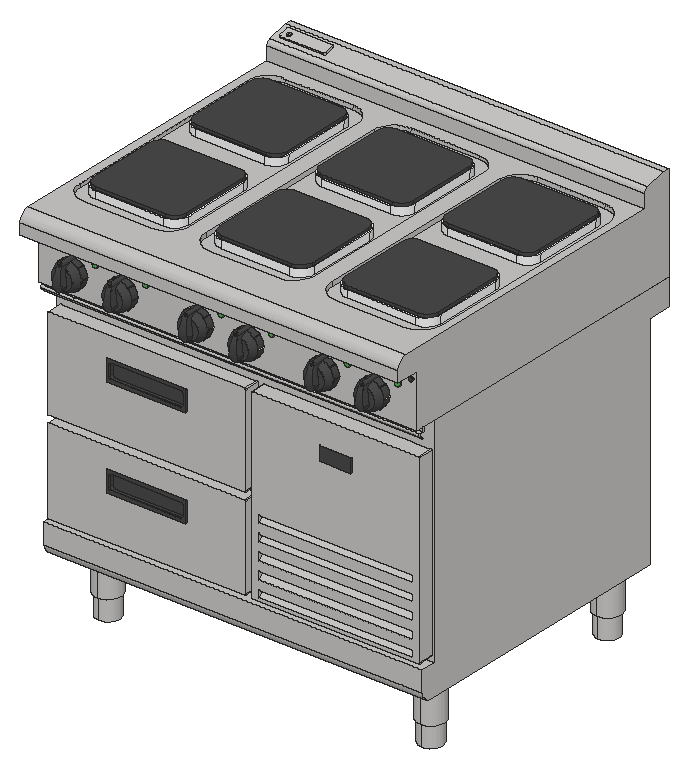
Revit family "QF_Moffat_RNL8600SE-RB_Electrical_Cooktop_Sealed_Hobs_cat", category Specialty Equipment, Revit 2019
Family settings
  Round Connector Dimension = Use Diameter
  Part Type = Normal
  Work Plane-Based = No
  Always vertical = Yes
  Cut with Voids When Loaded = No
  Shared = No
  Room Calculation Point = No
Parameters (values of type "QF_Moffat_RNL8600SE-RB")
  Weight in Kilograms = 130
  Watts = 9130 W
  Volts = 415 V
  URL Cutsheet = ""
  Specification by User = ""
  Specification by Manufacturer = ""
  Serial Number = ""
  Seismic Rating = ""
  SMACNA No = ""
  Revision Code = ""
  Refrigerant Volume = 0.00 kip
  Refrigerant Type = "R134a"
  Phase = 3
  Number of Poles = 1
  NAFEM Spec ID Number = ""
  Model = "RNL8600SE-RB"
  Min Ckt Ampacity = 0 A
  Max Overcurrent Protection = 0 A
  Masterspec = ""
  Manufacturer = "Moffat"
  Length = 900 mm
  Item Number = ""
  Installed By = ""
  Identify Quantity as Lot = yes
  Height = 970 mm
  HP = ""
  Furnished By = ""
  Foodservice Equipment Identifier = yes
  FL Amps = 22 A
  Electrical Remarks = ""
  Electric Connection Type = ""
  Elec Conn RI Height = 0 mm
  Elec Conn Connection Height = 0 mm
  Description = "Electric Cooktops Sealed Hobs"
  Depth = 805 mm
  Cycle = 60 Hz
  Conn Plug = ""
  Conn Conduit = yes
  CSI MasterFormat = ""
  BTUH = 0.0 Btu/h
  Apparent Power = if(Phase = 3, Volts * FL Amps * 1.73, Volts * FL Amps)  # 15794.9 VA
Reference planes
  plane 1 "BACK": y = 0
  plane 2: z = 0
  plane 3 "LEFT": x = 0
  plane 4 "RIGHT": x = 900
  plane 5 "FRONT": y = -805
  plane 6 "TOP": z = 915
  plane 7 "Center Y": x = 450
  plane 8 "Center X": y = -402.5
  plane 9: x = 65.5
  plane 10: x = 87.5
  plane 11: x = 211.766
  plane 12: y = -30
  plane 13: x = 770
  plane 14: x = 512.5
  plane 15: x = 388.234
  plane 16: x = 834.5
  plane 17: z = 150
  plane 18: y = -134
  plane 19: y = -624
  plane 20: x = 812.5
  plane 21: x = 688.234
  plane 22: x = 486.5
  plane 23: x = 650
  plane 24: z = 233
  plane 25: z = 658
  plane 26: z = 970
Forms (mm)
  Extrusion 1, solid, material "QF_Metal_Stainless_Polished"
    sketch origin (0, 0, 600) x (0, 1, 0) y (0, 0, 1)
      loop
        line (0, 140) -> (0, 370) -> (-15, 370) -> (-61.106, 357.646)
        arc (-61.106, 357.646) -> (-67.52, 353.36) -> (-70, 346.055) r 12
        line (-70, 346.055) -> (-70, 315) -> (-781, 315)
        arc (-781, 315) -> (-797.971, 307.971) -> (-805, 291) r 24
        line (-805, 291) -> (-805, 266) -> (-749, 266) -> (-749, 140) -> (0, 140)
    from 0 to 900
  Extrusion 2, void
    sketch origin (0, -776.971, 914.5) x (0, 1, 0) y (-1, 0, 0)
      loop
        arc (674.971, -69) -> (660.326, -33.645) -> (624.971, -19) r 50
        line (624.971, -19) -> (124.971, -19)
        arc (124.971, -19) -> (89.615, -33.645) -> (74.971, -69) r 50
        line (74.971, -69) -> (74.971, -231)
        arc (74.971, -231) -> (89.615, -266.355) -> (124.971, -281) r 50
        line (124.971, -281) -> (624.971, -281)
        arc (624.971, -281) -> (660.326, -266.355) -> (674.971, -231) r 50
        line (674.971, -231) -> (674.971, -69)
      loop
        line (674.971, -831) -> (674.971, -669)
        arc (674.971, -669) -> (660.326, -633.645) -> (624.971, -619) r 50
        line (624.971, -619) -> (124.971, -619)
        arc (124.971, -619) -> (89.615, -633.645) -> (74.971, -669) r 50
        line (74.971, -669) -> (74.971, -831)
        arc (74.971, -831) -> (89.615, -866.355) -> (124.971, -881) r 50
        line (124.971, -881) -> (624.971, -881)
        arc (624.971, -881) -> (660.326, -866.355) -> (674.971, -831) r 50
      loop
        arc (74.971, -531) -> (89.615, -566.355) -> (124.971, -581) r 50
        line (124.971, -581) -> (624.971, -581)
        arc (624.971, -581) -> (660.326, -566.355) -> (674.971, -531) r 50
        line (674.971, -531) -> (674.971, -369)
        arc (674.971, -369) -> (660.326, -333.645) -> (624.971, -319) r 50
        line (624.971, -319) -> (124.971, -319)
        arc (124.971, -319) -> (89.615, -333.645) -> (74.971, -369) r 50
        line (74.971, -369) -> (74.971, -531)
    from 0.5 to -9.5
  Extrusion 3, solid, material "QF_Plastic_White_Smooth"
    sketch origin (0, -776.971, 905) x (0, 1, 0) y (-1, 0, 0)
      loop
        arc (638.971, -68) -> (629.598, -45.373) -> (606.971, -36) r 32
        line (606.971, -36) -> (442.971, -36)
        arc (442.971, -36) -> (420.343, -45.373) -> (410.971, -68) r 32
        line (410.971, -68) -> (410.971, -232)
        arc (410.971, -232) -> (420.343, -254.627) -> (442.971, -264) r 32
        line (442.971, -264) -> (606.971, -264)
        arc (606.971, -264) -> (629.598, -254.627) -> (638.971, -232) r 32
        line (638.971, -232) -> (638.971, -68)
      loop
        arc (338.971, -68) -> (329.598, -45.373) -> (306.971, -36) r 32
        line (306.971, -36) -> (142.971, -36)
        arc (142.971, -36) -> (120.343, -45.373) -> (110.971, -68) r 32
        line (110.971, -68) -> (110.971, -232)
        arc (110.971, -232) -> (120.343, -254.627) -> (142.971, -264) r 32
        line (142.971, -264) -> (306.971, -264)
        arc (306.971, -264) -> (329.598, -254.627) -> (338.971, -232) r 32
        line (338.971, -232) -> (338.971, -68)
      loop
        arc (638.971, -368) -> (629.598, -345.373) -> (606.971, -336) r 32
        line (606.971, -336) -> (442.971, -336)
        arc (442.971, -336) -> (420.343, -345.373) -> (410.971, -368) r 32
        line (410.971, -368) -> (410.971, -532)
        arc (410.971, -532) -> (420.343, -554.627) -> (442.971, -564) r 32
        line (442.971, -564) -> (606.971, -564)
        arc (606.971, -564) -> (629.598, -554.627) -> (638.971, -532) r 32
        line (638.971, -532) -> (638.971, -368)
      loop
        arc (410.971, -832) -> (420.343, -854.627) -> (442.971, -864) r 32
        line (442.971, -864) -> (606.971, -864)
        arc (606.971, -864) -> (629.598, -854.627) -> (638.971, -832) r 32
        line (638.971, -832) -> (638.971, -668)
        arc (638.971, -668) -> (629.598, -645.373) -> (606.971, -636) r 32
        line (606.971, -636) -> (442.971, -636)
        arc (442.971, -636) -> (420.343, -645.373) -> (410.971, -668) r 32
        line (410.971, -668) -> (410.971, -832)
      loop
        arc (338.971, -368) -> (329.598, -345.373) -> (306.971, -336) r 32
        line (306.971, -336) -> (142.971, -336)
        arc (142.971, -336) -> (120.343, -345.373) -> (110.971, -368) r 32
        line (110.971, -368) -> (110.971, -532)
        arc (110.971, -532) -> (120.343, -554.627) -> (142.971, -564) r 32
        line (142.971, -564) -> (306.971, -564)
        arc (306.971, -564) -> (329.598, -554.627) -> (338.971, -532) r 32
        line (338.971, -532) -> (338.971, -368)
      loop
        arc (110.971, -832) -> (120.343, -854.627) -> (142.971, -864) r 32
        line (142.971, -864) -> (306.971, -864)
        arc (306.971, -864) -> (329.598, -854.627) -> (338.971, -832) r 32
        line (338.971, -832) -> (338.971, -668)
        arc (338.971, -668) -> (329.598, -645.373) -> (306.971, -636) r 32
        line (306.971, -636) -> (142.971, -636)
        arc (142.971, -636) -> (120.343, -645.373) -> (110.971, -668) r 32
        line (110.971, -668) -> (110.971, -832)
    from 0 to 17.8
  Extrusion 4, solid, material "QF_Plastic_Black_Smooth"
    sketch origin (0, -776.971, 922.8) x (0, 1, 0) y (-1, 0, 0)
      loop
        arc (634.971, -67) -> (627.062, -47.908) -> (607.971, -40) r 27
        line (607.971, -40) -> (441.971, -40)
        arc (441.971, -40) -> (422.879, -47.908) -> (414.971, -67) r 27
        line (414.971, -67) -> (414.971, -233)
        arc (414.971, -233) -> (422.879, -252.092) -> (441.971, -260) r 27
        line (441.971, -260) -> (607.971, -260)
        arc (607.971, -260) -> (627.062, -252.092) -> (634.971, -233) r 27
        line (634.971, -233) -> (634.971, -67)
      loop
        arc (334.971, -67) -> (327.062, -47.908) -> (307.971, -40) r 27
        line (307.971, -40) -> (141.971, -40)
        arc (141.971, -40) -> (122.879, -47.908) -> (114.971, -67) r 27
        line (114.971, -67) -> (114.971, -233)
        arc (114.971, -233) -> (122.879, -252.092) -> (141.971, -260) r 27
        line (141.971, -260) -> (307.971, -260)
        arc (307.971, -260) -> (327.062, -252.092) -> (334.971, -233) r 27
        line (334.971, -233) -> (334.971, -67)
      loop
        line (634.971, -833) -> (634.971, -667)
        arc (634.971, -667) -> (627.062, -647.908) -> (607.971, -640) r 27
        line (607.971, -640) -> (441.971, -640)
        arc (441.971, -640) -> (422.879, -647.908) -> (414.971, -667) r 27
        line (414.971, -667) -> (414.971, -833)
        arc (414.971, -833) -> (422.879, -852.092) -> (441.971, -860) r 27
        line (441.971, -860) -> (607.971, -860)
        arc (607.971, -860) -> (627.062, -852.092) -> (634.971, -833) r 27
      loop
        line (414.971, -367) -> (414.971, -533)
        arc (414.971, -533) -> (422.879, -552.092) -> (441.971, -560) r 27
        line (441.971, -560) -> (607.971, -560)
        arc (607.971, -560) -> (627.062, -552.092) -> (634.971, -533) r 27
        line (634.971, -533) -> (634.971, -367)
        arc (634.971, -367) -> (627.062, -347.908) -> (607.971, -340) r 27
        line (607.971, -340) -> (441.971, -340)
        arc (441.971, -340) -> (422.879, -347.908) -> (414.971, -367) r 27
      loop
        arc (307.971, -860) -> (327.062, -852.092) -> (334.971, -833) r 27
        line (334.971, -833) -> (334.971, -667)
        arc (334.971, -667) -> (327.062, -647.908) -> (307.971, -640) r 27
        line (307.971, -640) -> (141.971, -640)
        arc (141.971, -640) -> (122.879, -647.908) -> (114.971, -667) r 27
        line (114.971, -667) -> (114.971, -833)
        arc (114.971, -833) -> (122.879, -852.092) -> (141.971, -860) r 27
        line (141.971, -860) -> (307.971, -860)
      loop
        arc (141.971, -340) -> (122.879, -347.908) -> (114.971, -367) r 27
        line (114.971, -367) -> (114.971, -533)
        arc (114.971, -533) -> (122.879, -552.092) -> (141.971, -560) r 27
        line (141.971, -560) -> (307.971, -560)
        arc (307.971, -560) -> (327.062, -552.092) -> (334.971, -533) r 27
        line (334.971, -533) -> (334.971, -367)
        arc (334.971, -367) -> (327.062, -347.908) -> (307.971, -340) r 27
        line (307.971, -340) -> (141.971, -340)
    from 0 to 6.1
  Extrusion 5, solid, material "QF_Metal_Stainless_Polished"
    sketch origin (0, 0, 600) x (0, 1, 0) y (0, 0, 1)
      loop
        line (-697, 74.5) -> (0, 74.5) -> (0, 140) -> (-697, 140) -> (-697, 74.5)
    from 0 to 900
  Extrusion 6, solid, material "QF_Metal_Stainless_Polished"
    sketch origin (0, 0, 600) x (0, 1, 0) y (0, 0, 1)
      loop
        line (-730.6, 140) -> (-730.6, 130) -> (-740.105, 130)
        arc (-740.105, 130) -> (-743.076, 128.015) -> (-742.379, 124.511) r 3.215
        line (-742.379, 124.511) -> (-731.85, 113.982) -> (-730.719, 115.113) -> (-741.247, 125.642)
        arc (-741.247, 125.642) -> (-741.597, 127.403) -> (-740.105, 128.4) r 1.615
        line (-740.105, 128.4) -> (-729, 128.4) -> (-729, 140) -> (-730.6, 140)
    from 0 to 900
  Extrusion 7, solid, material "QF_Metal_Stainless_Polished"
    sketch origin (450, 175.397, 1819.2) x (0, 1, 0) y (0, 0, 1)
      loop
        line (-872.397, -1109.2) -> (-889.234, -1109.2)
        arc (-889.234, -1109.2) -> (-890.834, -1110.8) -> (-889.234, -1112.4) r 1.6
        line (-889.234, -1112.4) -> (-872.397, -1112.4) -> (-872.397, -1109.2)
    from -400 to 400
  Extrusion 8, solid, material "QF_Plastic_Black_Smooth"
    sketch origin (0, -749, 748.75) x (0, 0, 1) y (-1, 0, 0)
      loop
        circle (97.343, -13.157) r 5
      loop
        circle (97.343, -886.843) r 5
    from 0 to 1.6
  Extrusion 9, solid, material "QF_Metal_Stainless_Polished"
    sketch origin (0, -698, 674.5) x (1, 0, 0) y (0, -1, 0)
      loop
        circle (770, -668) r 6.35
    from 0 to 1.6
  Extrusion 10, solid, material "QF_Metal_Stainless_Polished"
    sketch origin (-6096, 187.719, 150) x (0, 1, 0) y (-1, 0, 0)
      loop
        line (-244.719, -6096) -> (-884.719, -6096) -> (-884.719, -6146) -> (-292.719, -6146) -> (-292.719, -6946) -> (-884.719, -6946) -> (-884.719, -6996) -> (-244.719, -6996) -> (-244.719, -6096)
    from 0 to 524.5
  Extrusion 11, solid, material "QF_Metal_Stainless_Polished"
    sketch origin (0, 0, 0) x (0, 1, 0) y (0, 0, 1)
      loop
        line (-57, 150) -> (-57, 222.5) -> (-733, 222.5) -> (-733, 174)
        arc (-733, 174) -> (-725.971, 157.029) -> (-709, 150) r 24
        line (-709, 150) -> (-57, 150)
    from 0 to 900
  Extrusion 12, solid, material "QF_Metal_Stainless_Polished"
    sketch origin (586.5, -48, 150) x (0, -1, 0) y (0, 0, 1)
      loop
        line (649, 535) -> (57, 535) -> (57, 72.5) -> (649, 72.5) -> (649, 535)
    from 64.5 to 135.5
  Revolve 13, solid, material "QF_Metal_Stainless_Polished"
    sketch origin (65.5, -4573, -304.8) x (0, 0, -1) y (0, -1, 0)
      loop
        line (-304.8, -3948) -> (-454.8, -3948) -> (-454.8, -3979.75) -> (-354.8, -3979.75) -> (-354.8, -3975.5) -> (-304.8, -3975.5) -> (-304.8, -3948)
      axis (-454.8, -3948) -> (-304.8, -3948)
    angle from 0 to 360
  Revolve 14, solid, material "QF_Metal_Stainless_Polished"
    sketch origin (834.5, -4573, -304.8) x (0, 0, -1) y (0, 1, 0)
      loop
        line (-304.8, 3948) -> (-304.8, 3975.5) -> (-354.8, 3975.5) -> (-354.8, 3979.75) -> (-454.8, 3979.75) -> (-454.8, 3948) -> (-304.8, 3948)
      axis (-454.8, 3948) -> (-304.8, 3948)
    angle from 0 to 360
  Extrusion 15, solid, material "QF_Metal_Stainless_Polished"
    sketch origin (0, -697, 740) x (0, 0, -1) y (1, 0, 0)
      loop
        line (67.5, 9) -> (284.5, 9)
        arc (284.5, 9) -> (285.914, 9.586) -> (286.5, 11) r 2
        line (286.5, 11) -> (286.5, 477)
        arc (286.5, 477) -> (285.914, 478.414) -> (284.5, 479) r 2
        line (284.5, 479) -> (67.5, 479)
        arc (67.5, 479) -> (66.086, 478.414) -> (65.5, 477) r 2
        line (65.5, 477) -> (65.5, 11)
        arc (65.5, 11) -> (66.086, 9.586) -> (67.5, 9) r 2
      loop
        arc (507, 477) -> (506.414, 478.414) -> (505, 479) r 2
        line (505, 479) -> (304.5, 479)
        arc (304.5, 479) -> (303.086, 478.414) -> (302.5, 477) r 2
        line (302.5, 477) -> (302.5, 11)
        arc (302.5, 11) -> (303.086, 9.586) -> (304.5, 9) r 2
        line (304.5, 9) -> (505, 9)
        arc (505, 9) -> (506.414, 9.586) -> (507, 11) r 2
        line (507, 11) -> (507, 477)
    from 0 to 36
  Extrusion 16, void
    sketch origin (0, -733, 740) x (0, 0, -1) y (1, 0, 0)
      loop
        arc (121.8, 161) -> (123.557, 156.757) -> (127.8, 155) r 6
        line (127.8, 155) -> (152.434, 155)
        arc (152.434, 155) -> (156.676, 156.757) -> (158.434, 161) r 6
        line (158.434, 161) -> (158.434, 327)
        arc (158.434, 327) -> (156.676, 331.243) -> (152.434, 333) r 6
        line (152.434, 333) -> (127.8, 333)
        arc (127.8, 333) -> (123.557, 331.243) -> (121.8, 327) r 6
        line (121.8, 327) -> (121.8, 161)
      loop
        arc (358.8, 161) -> (360.557, 156.757) -> (364.8, 155) r 6
        line (364.8, 155) -> (389.434, 155)
        arc (389.434, 155) -> (393.676, 156.757) -> (395.434, 161) r 6
        line (395.434, 161) -> (395.434, 327)
        arc (395.434, 327) -> (393.676, 331.243) -> (389.434, 333) r 6
        line (389.434, 333) -> (364.8, 333)
        arc (364.8, 333) -> (360.557, 331.243) -> (358.8, 327) r 6
        line (358.8, 327) -> (358.8, 161)
    from 0 to -10
  Extrusion 17, solid, material "QF_Plastic_Black_Smooth"
    sketch origin (0, -733, 740) x (0, 0, -1) y (1, 0, 0)
      loop
        line (353.494, 149) -> (401.494, 149) -> (402.494, 150) -> (402.494, 338) -> (401.494, 339) -> (353.494, 339) -> (352.494, 338) -> (352.494, 150) -> (353.494, 149)
      loop
        line (116.494, 149) -> (164.494, 149) -> (165.494, 150) -> (165.494, 338) -> (164.494, 339) -> (116.494, 339) -> (115.494, 338) -> (115.494, 150) -> (116.494, 149)
      loop
        arc (121.8, 161) -> (123.557, 156.757) -> (127.8, 155) r 6
        line (127.8, 155) -> (152.434, 155)
        arc (152.434, 155) -> (156.676, 156.757) -> (158.434, 161) r 6
        line (158.434, 161) -> (158.434, 327)
        arc (158.434, 327) -> (156.676, 331.243) -> (152.434, 333) r 6
        line (152.434, 333) -> (127.8, 333)
        arc (127.8, 333) -> (123.557, 331.243) -> (121.8, 327) r 6
        line (121.8, 327) -> (121.8, 161)
      loop
        arc (358.8, 161) -> (360.557, 156.757) -> (364.8, 155) r 6
        line (364.8, 155) -> (389.434, 155)
        arc (389.434, 155) -> (393.676, 156.757) -> (395.434, 161) r 6
        line (395.434, 161) -> (395.434, 327)
        arc (395.434, 327) -> (393.676, 331.243) -> (389.434, 333) r 6
        line (389.434, 333) -> (364.8, 333)
        arc (364.8, 333) -> (360.557, 331.243) -> (358.8, 327) r 6
        line (358.8, 327) -> (358.8, 161)
    from 0 to 1.6
  Extrusion 18, solid, material "QF_Metal_Stainless_Polished"
    sketch origin (0, -697, 740) x (0, 0, -1) y (1, 0, 0)
      loop
        line (507, 496) -> (507, 892)
        arc (507, 892) -> (506.414, 893.414) -> (505, 894) r 2
        line (505, 894) -> (67.5, 894)
        arc (67.5, 894) -> (66.086, 893.414) -> (65.5, 892) r 2
        line (65.5, 892) -> (65.5, 496)
        arc (65.5, 496) -> (66.086, 494.586) -> (67.5, 494) r 2
        line (67.5, 494) -> (505, 494)
        arc (505, 494) -> (506.414, 494.586) -> (507, 496) r 2
    from 0 to 36
  Extrusion 19, void
    sketch origin (522, -48, 150) x (0, 1, 0) y (0, 0, 1)
      loop
        line (-649, 303.003) -> (-685, 267.003) -> (-685, 249.042) -> (-649, 285.042) -> (-649, 303.003)
      loop
        line (-649, 263.003) -> (-685, 227.003) -> (-685, 209.042) -> (-649, 245.042) -> (-649, 263.003)
      loop
        line (-649, 223.003) -> (-685, 187.003) -> (-685, 169.042) -> (-649, 205.042) -> (-649, 223.003)
      loop
        line (-649, 183.003) -> (-685, 147.003) -> (-685, 129.042) -> (-649, 165.042) -> (-649, 183.003)
      loop
        line (-649, 143.003) -> (-685, 107.003) -> (-685, 89.042) -> (-649, 125.042) -> (-649, 143.003)
    from -10.5 to 354.5
  Extrusion 20, solid, material "QF_Plastic_Black_Smooth"
    sketch origin (0, -733, 740) x (0, 0, -1) y (1, 0, 0)
      loop
        line (123.994, 656.5) -> (156.994, 656.5) -> (156.994, 731.5) -> (123.994, 731.5) -> (123.994, 656.5)
    from 0 to 1.6
  Extrusion 21, solid, material "QF_Metal_Stainless_Polished"
    sketch origin (0, -57, 150) x (1, 0, 0) y (0, 0, -1)
      loop
        circle (650, -150) r 12.7
    from 0 to 3.2
  Revolve 22, solid, material "QF_Metal_Stainless_Polished"
    sketch origin (65.5, 3848, -304.8) x (0, 0, -1) y (0, -1, 0)
      loop
        line (-304.8, 3948) -> (-304.8, 3975.5) -> (-354.8, 3975.5) -> (-354.8, 3979.75) -> (-454.8, 3979.75) -> (-454.8, 3948) -> (-304.8, 3948)
      axis (-454.8, 3948) -> (-304.8, 3948)
    angle from 0 to 360
  Revolve 23, solid, material "QF_Metal_Stainless_Polished"
    sketch origin (834.5, 3848, -304.8) x (0, 0, -1) y (0, 1, 0)
      loop
        line (-304.8, -3948) -> (-454.8, -3948) -> (-454.8, -3979.75) -> (-354.8, -3979.75) -> (-354.8, -3975.5) -> (-304.8, -3975.5) -> (-304.8, -3948)
      axis (-454.8, -3948) -> (-304.8, -3948)
    angle from 0 to 360
  Extrusion 24, solid, material "QF_Paint_Green"
    sketch origin (0, -749, 740) x (0, 0, 1) y (-1, 0, 0)
      loop
        circle (86.3, -135) r 7.25
      loop
        circle (86.3, -255) r 7.25
      loop
        circle (86.3, -435) r 7.25
      loop
        circle (86.3, -555) r 7.25
      loop
        circle (86.3, -735) r 7.25
      loop
        circle (86.3, -855) r 7.25
    from 0 to 1.6
  Extrusion 25, solid, material "QF_Metal_Stainless_Polished"
    sketch origin (550, -48, 150) x (0, -1, 0) y (0, 0, 1)
      loop
        line (649, 72.5) -> (649, 83) -> (9, 83) -> (9, 72.5) -> (649, 72.5)
    from -300 to 500
  Extrusion 26, solid, material "QF_Metal_Stainless_Polished"
    sketch origin (0, 0, 0) x (0, 1, 0) y (0, 0, 1)
      loop
        line (-697, 453.5) -> (-698.658, 453.5) -> (-698.658, 437.5) -> (-697, 437.5) -> (-697, 453.5)
    from 50 to 451
Cuts and joins
  Extrusion 2 cuts Extrusion 1
  joined: Extrusion 5, Extrusion 10, Extrusion 11, Extrusion 12, Extrusion 25, Extrusion 26
  Extrusion 16 cuts Extrusion 15
  Extrusion 19 cuts Extrusion 18
Lines and regions (mm)
  symbolic lines
    curve 1: line (0, 0, 0) -> (900, 0, 0)
    curve 2: line (0, -805, 0) -> (0, 0, 0)
    curve 3: line (900, -805, 0) -> (0, -805, 0)
    curve 4: line (900, 0, 0) -> (900, -805, 0)
    curve 5: arc (281, -652, 0) -> (266.355, -687.355, 0) -> (231, -702, 0) r 50
    curve 6: line (231, -702, 0) -> (69, -702, 0)
    curve 7: arc (69, -702, 0) -> (33.645, -687.355, 0) -> (19, -652, 0) r 50
    curve 8: line (19, -652, 0) -> (19, -152, 0)
    curve 9: arc (19, -152, 0) -> (33.645, -116.645, 0) -> (69, -102, 0) r 50
    curve 10: line (69, -102, 0) -> (231, -102, 0)
    curve 11: arc (231, -102, 0) -> (266.355, -116.645, 0) -> (281, -152, 0) r 50
    curve 12: line (281, -152, 0) -> (281, -652, 0)
    curve 13: arc (319, -152, 0) -> (333.645, -116.645, 0) -> (369, -102, 0) r 50
    curve 14: line (369, -102, 0) -> (531, -102, 0)
    curve 15: arc (531, -102, 0) -> (566.355, -116.645, 0) -> (581, -152, 0) r 50
    curve 16: line (581, -152, 0) -> (581, -652, 0)
    curve 17: arc (581, -652, 0) -> (566.355, -687.355, 0) -> (531, -702, 0) r 50
    curve 18: line (531, -702, 0) -> (369, -702, 0)
    curve 19: arc (369, -702, 0) -> (333.645, -687.355, 0) -> (319, -652, 0) r 50
    curve 20: line (319, -652, 0) -> (319, -152, 0)
    curve 21: arc (619, -152, 0) -> (633.645, -116.645, 0) -> (669, -102, 0) r 50
    curve 22: line (669, -102, 0) -> (831, -102, 0)
    curve 23: arc (831, -102, 0) -> (866.355, -116.645, 0) -> (881, -152, 0) r 50
    curve 24: line (881, -152, 0) -> (881, -652, 0)
    curve 25: arc (881, -652, 0) -> (866.355, -687.355, 0) -> (831, -702, 0) r 50
    curve 26: line (831, -702, 0) -> (669, -702, 0)
    curve 27: arc (669, -702, 0) -> (633.645, -687.355, 0) -> (619, -652, 0) r 50
    curve 28: line (619, -652, 0) -> (619, -152, 0)
    curve 29: arc (68, -138, 0) -> (45.373, -147.373, 0) -> (36, -170, 0) r 32
    curve 30: line (36, -170, 0) -> (36, -334, 0)
    curve 31: arc (36, -334, 0) -> (45.373, -356.627, 0) -> (68, -366, 0) r 32
    curve 32: line (68, -366, 0) -> (232, -366, 0)
    curve 33: arc (232, -366, 0) -> (254.627, -356.627, 0) -> (264, -334, 0) r 32
    curve 34: line (264, -334, 0) -> (264, -170, 0)
    curve 35: arc (264, -170, 0) -> (254.627, -147.373, 0) -> (232, -138, 0) r 32
    curve 36: line (232, -138, 0) -> (68, -138, 0)
    curve 37: arc (67, -142, 0) -> (47.908, -149.908, 0) -> (40, -169, 0) r 27
    curve 38: line (40, -169, 0) -> (40, -335, 0)
    curve 39: arc (40, -335, 0) -> (47.908, -354.092, 0) -> (67, -362, 0) r 27
    curve 40: line (67, -362, 0) -> (233, -362, 0)
    curve 41: arc (233, -362, 0) -> (252.092, -354.092, 0) -> (260, -335, 0) r 27
    curve 42: line (260, -335, 0) -> (260, -169, 0)
    curve 43: arc (260, -169, 0) -> (252.092, -149.908, 0) -> (233, -142, 0) r 27
    curve 44: line (233, -142, 0) -> (67, -142, 0)
    curve 45: arc (68, -438, 0) -> (45.373, -447.373, 0) -> (36, -470, 0) r 32
    curve 46: line (36, -470, 0) -> (36, -634, 0)
    curve 47: arc (36, -634, 0) -> (45.373, -656.627, 0) -> (68, -666, 0) r 32
    curve 48: line (68, -666, 0) -> (232, -666, 0)
    curve 49: arc (232, -666, 0) -> (254.627, -656.627, 0) -> (264, -634, 0) r 32
    curve 50: line (264, -634, 0) -> (264, -470, 0)
    curve 51: arc (264, -470, 0) -> (254.627, -447.373, 0) -> (232, -438, 0) r 32
    curve 52: line (232, -438, 0) -> (68, -438, 0)
    curve 53: arc (67, -442, 0) -> (47.908, -449.908, 0) -> (40, -469, 0) r 27
    curve 54: line (40, -469, 0) -> (40, -635, 0)
    curve 55: arc (40, -635, 0) -> (47.908, -654.092, 0) -> (67, -662, 0) r 27
    curve 56: line (67, -662, 0) -> (233, -662, 0)
    curve 57: arc (233, -662, 0) -> (252.092, -654.092, 0) -> (260, -635, 0) r 27
    curve 58: line (260, -635, 0) -> (260, -469, 0)
    curve 59: arc (260, -469, 0) -> (252.092, -449.908, 0) -> (233, -442, 0) r 27
    curve 60: line (233, -442, 0) -> (67, -442, 0)
    curve 61: arc (368, -438, 0) -> (345.373, -447.373, 0) -> (336, -470, 0) r 32
    curve 62: line (336, -470, 0) -> (336, -634, 0)
    curve 63: arc (336, -634, 0) -> (345.373, -656.627, 0) -> (368, -666, 0) r 32
    curve 64: line (368, -666, 0) -> (532, -666, 0)
    curve 65: arc (532, -666, 0) -> (554.627, -656.627, 0) -> (564, -634, 0) r 32
    curve 66: line (564, -634, 0) -> (564, -470, 0)
    curve 67: arc (564, -470, 0) -> (554.627, -447.373, 0) -> (532, -438, 0) r 32
    curve 68: line (532, -438, 0) -> (368, -438, 0)
    curve 69: arc (367, -442, 0) -> (347.908, -449.908, 0) -> (340, -469, 0) r 27
    curve 70: line (340, -469, 0) -> (340, -635, 0)
    curve 71: arc (340, -635, 0) -> (347.908, -654.092, 0) -> (367, -662, 0) r 27
    curve 72: line (367, -662, 0) -> (533, -662, 0)
    curve 73: arc (533, -662, 0) -> (552.092, -654.092, 0) -> (560, -635, 0) r 27
    curve 74: line (560, -635, 0) -> (560, -469, 0)
    curve 75: arc (560, -469, 0) -> (552.092, -449.908, 0) -> (533, -442, 0) r 27
    curve 76: line (533, -442, 0) -> (367, -442, 0)
    curve 77: arc (336, -334, 0) -> (345.373, -356.627, 0) -> (368, -366, 0) r 32
    curve 78: line (368, -366, 0) -> (532, -366, 0)
    curve 79: arc (532, -366, 0) -> (554.627, -356.627, 0) -> (564, -334, 0) r 32
    curve 80: line (564, -334, 0) -> (564, -170, 0)
    curve 81: arc (564, -170, 0) -> (554.627, -147.373, 0) -> (532, -138, 0) r 32
    curve 82: line (532, -138, 0) -> (368, -138, 0)
    curve 83: arc (368, -138, 0) -> (345.373, -147.373, 0) -> (336, -170, 0) r 32
    curve 84: line (336, -170, 0) -> (336, -334, 0)
    curve 85: arc (340, -335, 0) -> (347.908, -354.092, 0) -> (367, -362, 0) r 27
    curve 86: line (367, -362, 0) -> (533, -362, 0)
    curve 87: arc (533, -362, 0) -> (552.092, -354.092, 0) -> (560, -335, 0) r 27
    curve 88: line (560, -335, 0) -> (560, -169, 0)
    curve 89: arc (560, -169, 0) -> (552.092, -149.908, 0) -> (533, -142, 0) r 27
    curve 90: line (533, -142, 0) -> (367, -142, 0)
    curve 91: arc (367, -142, 0) -> (347.908, -149.908, 0) -> (340, -169, 0) r 27
    curve 92: line (340, -169, 0) -> (340, -335, 0)
    curve 93: arc (668, -138, 0) -> (645.373, -147.373, 0) -> (636, -170, 0) r 32
    curve 94: line (636, -170, 0) -> (636, -334, 0)
    curve 95: arc (636, -334, 0) -> (645.373, -356.627, 0) -> (668, -366, 0) r 32
    curve 96: line (668, -366, 0) -> (832, -366, 0)
    curve 97: arc (832, -366, 0) -> (854.627, -356.627, 0) -> (864, -334, 0) r 32
    curve 98: line (864, -334, 0) -> (864, -170, 0)
    curve 99: arc (864, -170, 0) -> (854.627, -147.373, 0) -> (832, -138, 0) r 32
    curve 100: line (832, -138, 0) -> (668, -138, 0)
    curve 101: arc (667, -142, 0) -> (647.908, -149.908, 0) -> (640, -169, 0) r 27
    curve 102: line (640, -169, 0) -> (640, -335, 0)
    curve 103: arc (640, -335, 0) -> (647.908, -354.092, 0) -> (667, -362, 0) r 27
    curve 104: line (667, -362, 0) -> (833, -362, 0)
    curve 105: arc (833, -362, 0) -> (852.092, -354.092, 0) -> (860, -335, 0) r 27
    curve 106: line (860, -335, 0) -> (860, -169, 0)
    curve 107: arc (860, -169, 0) -> (852.092, -149.908, 0) -> (833, -142, 0) r 27
    curve 108: line (833, -142, 0) -> (667, -142, 0)
    curve 109: arc (668, -438, 0) -> (645.373, -447.373, 0) -> (636, -470, 0) r 32
    curve 110: line (636, -470, 0) -> (636, -634, 0)
    curve 111: arc (636, -634, 0) -> (645.373, -656.627, 0) -> (668, -666, 0) r 32
    curve 112: line (668, -666, 0) -> (832, -666, 0)
    curve 113: arc (832, -666, 0) -> (854.627, -656.627, 0) -> (864, -634, 0) r 32
    curve 114: line (864, -634, 0) -> (864, -470, 0)
    curve 115: arc (864, -470, 0) -> (854.627, -447.373, 0) -> (832, -438, 0) r 32
    curve 116: line (832, -438, 0) -> (668, -438, 0)
    curve 117: arc (667, -442, 0) -> (647.908, -449.908, 0) -> (640, -469, 0) r 27
    curve 118: line (640, -469, 0) -> (640, -635, 0)
    curve 119: arc (640, -635, 0) -> (647.908, -654.092, 0) -> (667, -662, 0) r 27
    curve 120: line (667, -662, 0) -> (833, -662, 0)
    curve 121: arc (833, -662, 0) -> (852.092, -654.092, 0) -> (860, -635, 0) r 27
    curve 122: line (860, -635, 0) -> (860, -469, 0)
    curve 123: arc (860, -469, 0) -> (852.092, -449.908, 0) -> (833, -442, 0) r 27
    curve 124: line (833, -442, 0) -> (667, -442, 0)
    curve 125: line (0, -15, 0) -> (900, -15, 0)
    curve 126: line (900, -70, 0) -> (0, -70, 0)
Dimensions and locks
  equal spacing: plane 3 "LEFT", plane 7 "Center Y", plane 4 "RIGHT"
  "Length": plane 3 "LEFT" to plane 4 "RIGHT"
  equal spacing: plane 5 "FRONT", plane 8 "Center X", plane 1 "BACK"
  "Depth": plane 5 "FRONT" to plane 1 "BACK"
  plane 26 to level = 970 mm
  plane 4 "RIGHT" to plane 3 "LEFT" = 900 mm
  plane 1 "BACK" to plane 5 "FRONT" = 805 mm
  plane 6 "TOP" to plane 2 = 915 mm
  locked: plane 13 to plane 4 "RIGHT" at 130
  plane 9 to plane 16 = 769 mm
  plane 17 to plane 2 = 150 mm
  plane 1 "BACK" to plane 18 = 134 mm
  plane 18 to plane 19 = 490 mm
  plane 1 "BACK" to plane 12 = 30 mm
  plane 1 "BACK" to cut or joined group of Extrusion 5, Extrusion 10, Extrusion 11, Extrusion 12, Extrusion 25, Extrusion 26 = 57 mm
  plane 23 to plane 4 "RIGHT" = 250 mm
  aligned and locked: level to plane 2
Automatic sketch dimensions
  Extrusion 5 sketch curve to plane 1 "BACK" = 0 mm
  plane 19 to Extrusion 5 sketch curve = 73 mm
  Extrusion 5 sketch curve to Extrusion 5 sketch curve = 65.5 mm
  Extrusion 6 sketch curve to Extrusion 6 sketch curve = 0 mm  (x3)
  Extrusion 6 sketch curve to plane 5 "FRONT" = 62.621 mm
  Extrusion 6 sketch curve to Extrusion 6 sketch curve = 1.131 mm  (x3)
  Extrusion 6 sketch curve to Extrusion 6 sketch curve = 1.142 mm  (x2)
  Extrusion 6 sketch curve to Extrusion 6 sketch curve = 10.529 mm
  Extrusion 6 sketch curve to Extrusion 6 sketch curve = 9.505 mm
  Extrusion 6 sketch curve to Extrusion 6 sketch curve = 1.6 mm
  Extrusion 6 sketch curve to Extrusion 6 sketch curve = 10 mm
  plane 19 to Extrusion 7 sketch curve = 89.837 mm
  Extrusion 7 sketch curve to Extrusion 7 sketch curve = 16.837 mm
  Extrusion 7 sketch curve to Extrusion 7 sketch curve = 1.6 mm
  Extrusion 8 sketch curve to Extrusion 1 = 19.907 mm  (x2)
  Extrusion 1 to Extrusion 8 sketch curve = 13.157 mm  (x2)
  Extrusion 10 sketch curve to plane 3 "LEFT" = 0 mm
  Extrusion 10 sketch curve to plane 4 "RIGHT" = 0 mm
  plane 9 to Extrusion 10 sketch curve = 15.5 mm
  plane 19 to Extrusion 10 sketch curve = 73 mm  (x2)
  plane 16 to Extrusion 10 sketch curve = 15.5 mm
  Extrusion 10 sketch curve to plane 18 = 29 mm
  plane 12 to Extrusion 10 sketch curve = 27 mm
  Extrusion 12 sketch curve to plane 18 = 29 mm
  plane 19 to Extrusion 12 sketch curve = 73 mm
  Revolve 13 sketch curve to plane 17 = 0 mm
  Revolve 13 sketch curve to level = 0 mm  (x2)
  level to Revolve 13 sketch curve = 50 mm
  Revolve 13 sketch curve to plane 19 = 30.75 mm
  Revolve 13 sketch curve to plane 19 = 26.5 mm
  plane 19 to Revolve 13 sketch curve = 1 mm  (x2)
  Revolve 13 sketch curve to Revolve 13 sketch curve = 35 mm
  Revolve 14 sketch curve to plane 17 = 0 mm
  Revolve 14 sketch curve to level = 0 mm  (x2)
  level to Revolve 14 sketch curve = 50 mm
  plane 19 to Revolve 14 sketch curve = 1 mm  (x2)
  Revolve 14 sketch curve to plane 19 = 26.5 mm
  Revolve 14 sketch curve to plane 19 = 30.75 mm
  Revolve 14 sketch curve to Revolve 14 sketch curve = 35 mm
  Extrusion 16 sketch curve to Extrusion 15 = 56.3 mm  (x2)
  Extrusion 16 sketch curve to Extrusion 16 sketch curve = 6 mm  (x6)
  Extrusion 16 sketch curve to Extrusion 16 sketch curve = 24.634 mm  (x4)
  Extrusion 16 sketch curve to Extrusion 15 = 146 mm  (x2)
  Extrusion 16 sketch curve to Extrusion 15 = 152 mm  (x2)
  Extrusion 17 sketch curve to Extrusion 15 = 49.994 mm  (x2)
  Extrusion 17 sketch curve to Extrusion 17 sketch curve = 1 mm  (x12)
  Extrusion 17 sketch curve to Extrusion 17 sketch curve = 6.306 mm  (x2)
  Extrusion 17 sketch curve to Extrusion 17 sketch curve = 6 mm  (x8)
  Extrusion 17 sketch curve to Extrusion 17 sketch curve = 24.634 mm  (x4)
  Extrusion 17 sketch curve to Extrusion 17 sketch curve = 6.06 mm  (x4)
  Extrusion 17 sketch curve to Extrusion 15 = 140 mm  (x2)
  Extrusion 17 sketch curve to Extrusion 15 = 152 mm  (x2)
  Extrusion 17 sketch curve to Extrusion 17 sketch curve = 11 mm  (x4)
  Extrusion 19 sketch curve to Extrusion 12 = 0 mm  (x5)
  Extrusion 12 to Extrusion 19 sketch curve = 36 mm  (x2)
  Extrusion 19 sketch curve to Extrusion 19 sketch curve = 0 mm  (x3)
  Extrusion 19 sketch curve to Extrusion 12 = 16.542 mm
  Extrusion 19 sketch curve to Extrusion 19 sketch curve = 17.961 mm  (x10)
  Extrusion 19 sketch curve to Extrusion 19 sketch curve = 18.039 mm
  Extrusion 19 sketch curve to Extrusion 19 sketch curve = 22.039 mm  (x8)
  Extrusion 20 sketch curve to Extrusion 18 = 58.494 mm
  Extrusion 20 sketch curve to Extrusion 20 sketch curve = 33 mm
  Extrusion 20 sketch curve to Extrusion 18 = 162.5 mm
  Extrusion 20 sketch curve to Extrusion 20 sketch curve = 75 mm
  Extrusion 21 sketch curve to Extrusion 10 = 250 mm
  Extrusion 10 to Extrusion 21 sketch curve = 150 mm
  Revolve 22 sketch curve to plane 17 = 0 mm
  Revolve 22 sketch curve to level = 0 mm  (x2)
  level to Revolve 22 sketch curve = 50 mm
  Revolve 22 sketch curve to plane 18 = 34 mm
  Revolve 22 sketch curve to Revolve 22 sketch curve = 27.5 mm
  Revolve 22 sketch curve to Revolve 22 sketch curve = 31.75 mm
  Revolve 22 sketch curve to Revolve 22 sketch curve = 35 mm
  Revolve 22 sketch curve to Revolve 22 sketch curve = 0 mm
  Revolve 23 sketch curve to plane 17 = 0 mm
  Revolve 23 sketch curve to level = 0 mm  (x2)
  level to Revolve 23 sketch curve = 50 mm
  Revolve 23 sketch curve to plane 18 = 2.25 mm
  Revolve 23 sketch curve to Revolve 23 sketch curve = 4.25 mm
  Revolve 23 sketch curve to Revolve 23 sketch curve = 27.5 mm
  Revolve 23 sketch curve to Revolve 23 sketch curve = 35 mm
  Revolve 23 sketch curve to Revolve 23 sketch curve = 0 mm
  Extrusion 2 sketch curve to plane 16 = 3.5 mm  (x2)
  plane 19 to Extrusion 2 sketch curve = 78 mm  (x3)
  plane 15 to Extrusion 2 sketch curve = 19.234 mm
  Extrusion 2 sketch curve to plane 9 = 3.5 mm  (x2)
  plane 19 to Extrusion 2 sketch curve = 28 mm  (x5)
  plane 23 to Extrusion 2 sketch curve = 19 mm
  plane 4 "RIGHT" to Extrusion 2 sketch curve = 19 mm
  plane 18 to Extrusion 2 sketch curve = 18 mm  (x6)
  Extrusion 2 sketch curve to plane 18 = 32 mm
  Extrusion 2 sketch curve to Extrusion 2 sketch curve = 38 mm  (x2)
  Extrusion 4 sketch curve to Extrusion 3 = 4 mm  (x21)
  Extrusion 4 sketch curve to Extrusion 4 sketch curve = 27 mm  (x7)
  Extrusion 4 sketch curve to Extrusion 3 = 31 mm  (x20)
  Extrusion 3 sketch curve to Extrusion 2 = 36 mm  (x3)
  Extrusion 3 sketch curve to Extrusion 2 = 17 mm  (x11)
  Extrusion 3 sketch curve to Extrusion 3 sketch curve = 32 mm  (x18)
  Extrusion 3 sketch curve to Extrusion 3 sketch curve = 164 mm  (x4)
  Extrusion 3 sketch curve to Extrusion 2 = 49 mm  (x2)
  Extrusion 3 sketch curve to Extrusion 3 sketch curve = 0 mm
  Extrusion 3 sketch curve to Extrusion 3 sketch curve = 72 mm  (x3)
  Extrusion 3 sketch curve to Extrusion 2 = 68 mm  (x6)
  Extrusion 9 sketch curve to Extrusion 5 = 30 mm
  Extrusion 9 sketch curve to Extrusion 5 = 130 mm
  Extrusion 1 sketch curve to plane 5 "FRONT" = 0 mm
  Extrusion 1 sketch curve to Extrusion 1 sketch curve = 24 mm
  Extrusion 1 sketch curve to plane 5 "FRONT" = 56 mm
  Extrusion 1 sketch curve to Extrusion 1 sketch curve = 25 mm
  Extrusion 1 sketch curve to Extrusion 1 sketch curve = 230 mm
  Extrusion 5 sketch curve to plane 6 "TOP" = 240.5 mm
  Extrusion 6 sketch curve to plane 6 "TOP" = 201.018 mm
  Extrusion 7 sketch curve to plane 6 "TOP" = 208.2 mm
  Extrusion 12 sketch curve to plane 6 "TOP" = 230 mm
  Extrusion 24 sketch curve to Extrusion 1 = 39.7 mm  (x6)
  Extrusion 1 to Extrusion 24 sketch curve = 45 mm
  Extrusion 24 sketch curve to Extrusion 24 sketch curve = 120 mm  (x3)
  Extrusion 24 sketch curve to Extrusion 24 sketch curve = 180 mm  (x2)
  Extrusion 11 sketch curve to plane 17 = 0 mm
  Extrusion 11 sketch curve to plane 5 "FRONT" = 72 mm
  Extrusion 11 sketch curve to Extrusion 11 sketch curve = 24 mm
  plane 12 to Extrusion 11 sketch curve = 27 mm
  plane 12 to Extrusion 25 sketch curve = 27 mm
  plane 19 to Extrusion 25 sketch curve = 73 mm
  plane 17 to Extrusion 11 sketch curve = 72.5 mm
  plane 17 to Extrusion 25 sketch curve = 72.5 mm
  Extrusion 25 sketch curve to Extrusion 25 sketch curve = 10.5 mm
  Extrusion 18 sketch curve to Extrusion 5 = 0 mm
  Extrusion 18 sketch curve to Extrusion 18 sketch curve = 2 mm  (x3)
  Extrusion 5 to Extrusion 18 sketch curve = 8 mm
  Extrusion 18 sketch curve to Extrusion 18 sketch curve = 437.5 mm
  Extrusion 18 sketch curve to Extrusion 18 sketch curve = 0 mm
  Extrusion 18 sketch curve to Extrusion 18 sketch curve = 396 mm
  Extrusion 15 sketch curve to Extrusion 5 = 0 mm
  Extrusion 15 sketch curve to Extrusion 15 sketch curve = 2 mm  (x6)
  Extrusion 15 sketch curve to Extrusion 15 sketch curve = 217 mm  (x2)
  Extrusion 5 to Extrusion 15 sketch curve = 11 mm
  Extrusion 15 sketch curve to Extrusion 15 sketch curve = 16 mm
  Extrusion 15 sketch curve to Extrusion 15 sketch curve = 200.5 mm  (x2)
  Extrusion 5 to Extrusion 15 sketch curve = 9 mm
  Extrusion 5 to Extrusion 15 sketch curve = 423 mm
  Extrusion 15 sketch curve to Extrusion 15 sketch curve = 0 mm
  Extrusion 12 sketch curve to plane 24 = 10.5 mm
  plane 12 to Extrusion 1 sketch curve = 31.106 mm
  Extrusion 1 sketch curve to Extrusion 1 sketch curve = 3.106 mm
  plane 6 "TOP" to Extrusion 1 sketch curve = 31.055 mm
  Extrusion 1 sketch curve to Extrusion 1 sketch curve = 11.591 mm
  plane 1 "BACK" to Extrusion 1 sketch curve = 15 mm
  Extrusion 1 sketch curve to Extrusion 1 sketch curve = 12.354 mm
  Extrusion 1 sketch curve to plane 1 "BACK" = 0 mm
  Extrusion 1 sketch curve to plane 6 "TOP" = 0 mm
  plane 19 to Extrusion 26 sketch curve = 74.658 mm
  plane 24 to Extrusion 26 sketch curve = 204.5 mm
  Extrusion 26 sketch curve to Extrusion 26 sketch curve = 16 mm
  Extrusion 26 sketch curve to Extrusion 26 sketch curve = 1.658 mm
  plane 1 "BACK" to curve 1 = 0 mm
  curve 1 to plane 3 "LEFT" = 0 mm
  curve 3 to plane 4 "RIGHT" = 0 mm
  plane 5 "FRONT" to curve 3 = 0 mm
  plane 3 "LEFT" to curve 8 = 19 mm
  curve 9 to curve 30 = 17 mm
  plane 19 to curve 46 = 10 mm
  curve 8 to curve 46 = 17 mm
  curve 45 to curve 54 = 4 mm
  curve 30 to curve 38 = 4 mm
  curve 39 to plane 9 = 1.5 mm
  curve 56 to plane 9 = 1.5 mm
  curve 60 to plane 9 = 1.5 mm
  curve 37 to plane 9 = 1.5 mm
  curve 39 to curve 31 = 1 mm
  curve 53 to curve 45 = 1 mm
  curve 37 to curve 29 = 1 mm
  curve 48 to plane 9 = 2.5 mm
  curve 9 to plane 9 = 3.5 mm
  curve 7 to plane 9 = 3.5 mm
  plane 11 to curve 5 = 19.234 mm
  plane 11 to curve 11 = 19.234 mm
  curve 5 to curve 49 = 1 mm
  plane 18 to curve 36 = 4 mm
  curve 11 to curve 36 = 1 mm
  plane 11 to curve 32 = 20.234 mm
  plane 11 to curve 51 = 20.234 mm
  curve 35 to curve 43 = 1 mm  (x2)
  curve 33 to curve 40 = 1 mm
  curve 49 to curve 57 = 1 mm
  curve 51 to curve 59 = 1 mm
  plane 19 to curve 58 = 11 mm
  curve 57 to curve 58 = 27 mm
  curve 43 to curve 42 = 27 mm
  curve 43 to curve 34 = 4 mm
  curve 58 to curve 50 = 4 mm
  curve 34 to curve 12 = 17 mm
  plane 18 to curve 20 = 18 mm
  curve 11 to curve 20 = 38 mm
  plane 15 to curve 84 = 52.234 mm
  plane 19 to curve 62 = 10 mm
  curve 20 to curve 62 = 17 mm
  curve 84 to curve 92 = 4 mm
  curve 61 to curve 70 = 4 mm
  plane 15 to curve 69 = 21.234 mm
  plane 15 to curve 91 = 21.234 mm
  plane 15 to curve 85 = 21.234 mm
  plane 15 to curve 72 = 21.234 mm
  curve 86 to curve 78 = 1 mm
  curve 69 to curve 68 = 1 mm
  curve 71 to curve 63 = 1 mm
  curve 90 to curve 82 = 1 mm
  curve 72 to curve 19 = 2 mm
  plane 15 to curve 14 = 19.234 mm
  plane 14 to curve 14 = 18.5 mm
  plane 14 to curve 17 = 18.5 mm
  plane 14 to curve 67 = 19.5 mm
  plane 19 to curve 65 = 10 mm
  curve 17 to curve 65 = 1 mm
  plane 14 to curve 78 = 19.5 mm
  curve 15 to curve 81 = 1 mm
  curve 78 to curve 86 = 1 mm
  curve 81 to curve 89 = 1 mm
  curve 64 to curve 72 = 1 mm
  curve 67 to curve 75 = 1 mm
  curve 89 to curve 88 = 27 mm
  curve 74 to curve 67 = 4 mm
  curve 88 to curve 80 = 4 mm
  plane 18 to curve 16 = 18 mm
  curve 28 to plane 23 = 31 mm
  curve 110 to plane 23 = 14 mm
  curve 94 to plane 23 = 14 mm
  curve 93 to curve 102 = 4 mm
  curve 110 to curve 118 = 4 mm
  plane 23 to curve 124 = 17 mm
  plane 18 to curve 108 = 8 mm
  plane 23 to curve 108 = 17 mm
  plane 23 to curve 120 = 17 mm
  plane 23 to curve 103 = 17 mm
  curve 103 to curve 96 = 1 mm
  curve 119 to curve 111 = 1 mm
  curve 117 to curve 116 = 1 mm
  curve 101 to curve 100 = 1 mm
  curve 119 to curve 27 = 2 mm
  plane 23 to curve 22 = 19 mm
  curve 22 to plane 16 = 3.5 mm
  curve 26 to plane 16 = 3.5 mm
  curve 113 to plane 16 = 2.5 mm
  curve 115 to plane 16 = 2.5 mm
  curve 96 to plane 16 = 2.5 mm
  curve 99 to plane 16 = 2.5 mm
  curve 108 to plane 16 = 1.5 mm
  curve 115 to curve 123 = 1 mm
  curve 113 to curve 121 = 1 mm
  curve 104 to plane 16 = 1.5 mm
  plane 16 to curve 106 = 25.5 mm
  plane 16 to curve 122 = 25.5 mm
  curve 105 to curve 98 = 4 mm
  curve 122 to curve 114 = 4 mm
  plane 4 "RIGHT" to curve 24 = 19 mm
  curve 18 to curve 63 = 36 mm
  curve 6 to curve 48 = 36 mm
  plane 19 to curve 26 = 78 mm
  curve 112 to curve 27 = 14 mm
  curve 113 to curve 120 = 4 mm
  curve 64 to curve 72 = 4 mm
  curve 67 to plane 8 "Center X" = 67.5 mm
  curve 109 to plane 8 "Center X" = 67.5 mm
  curve 51 to plane 8 "Center X" = 67.5 mm
  curve 45 to curve 54 = 1 mm
  curve 61 to curve 69 = 1 mm
  curve 109 to curve 117 = 1 mm
  plane 8 "Center X" to curve 96 = 36.5 mm
  plane 8 "Center X" to curve 78 = 36.5 mm
  plane 8 "Center X" to curve 32 = 36.5 mm
  curve 31 to curve 40 = 4 mm
  curve 96 to curve 104 = 4 mm
  curve 77 to curve 86 = 4 mm
  curve 99 to curve 107 = 1 mm
  curve 80 to curve 15 = 18 mm
  curve 84 to curve 92 = 1 mm
  plane 18 to curve 24 = 18 mm
  plane 18 to curve 8 = 18 mm
  plane 12 to curve 126 = 40 mm
  plane 1 "BACK" to curve 125 = 15 mm
  radius of Extrusion 8 sketch curve = 5 mm  (x2)
  radius of Extrusion 21 sketch curve = 12.7 mm
  radius of Extrusion 9 sketch curve = 6.35 mm
  radius of Extrusion 24 sketch curve = 7.25 mm  (x6)
Nested families
  nested 1: "Knob" at (57.503, -749, 764.5), type "Knob"
  nested 2: "Knob" at (177.55, -749, 764.5), type "Knob"
  nested 3: "Knob" at (357.613, -749, 764.5), type "Knob"
  nested 4: "Knob" at (477.503, -749, 764.5), type "Knob"
  nested 5: "Knob" at (657.613, -749, 764.5), type "Knob"
  nested 6: "Knob" at (777.503, -749, 764.188), type "Knob"
  nested 7: "QF_LOGO_Waldorf" at (13.25, -23.801, 940.931), type "QF_LOGO_Waldorf"
Connectors
  electrical at (770, -30, 672.9), driven by "Volts", driven by "Watts"
    settings: on Extrusion 9, index 1, voltage 415 V, apparent load 9130 VA, apparent load phase1 0 VA, apparent load phase2 0 VA, apparent load phase3 0 VA, power factor 1, load classification "Other", number of poles 1, system type 30, power factor state 1, is connector primary yes, connector utility no, sub classification motor no, connector description "ELECTRICAL CONNECTION"
  electrical at (650, -53.8, 300), driven by "Volts", driven by "Watts"
    settings: on Extrusion 21, index 2, voltage 415 V, apparent load 9130 VA, apparent load phase1 0 VA, apparent load phase2 0 VA, apparent load phase3 0 VA, power factor 1, load classification "Other", number of poles 1, system type 30, power factor state 1, is connector primary no, connector utility no, sub classification motor no, connector description "ELECTRICAL CONNECTION"
Definition of nested family "Knob"
  Parameters (values of type "Knob")
    Weight in Pounds = 0
    URL Cutsheet = ""
    Specification by User = ""
    Specification by Manufacturer = ""
    Serial Number = ""
    Seismic Rating = ""
    SMACNA No = ""
    Revision Code = ""
    NAFEM Spec ID Number = ""
    Masterspec = ""
    Length = 65 mm
    Item Number = ""
    Installed By = ""
    Identify Quantity as Lot = yes
    Height = 69.5 mm
    Furnished By = ""
    Foodservice Equipment Identifier = yes
    Depth = 59 mm
    CSI MasterFormat = ""
  Reference planes
    plane 1 "BACK": y = 0
    plane 2: z = 0
    plane 3 "LEFT": x = 0
    plane 4 "RIGHT": x = 65
    plane 5 "FRONT": y = -59
    plane 6 "TOP": z = 69.5
    plane 7 "Center Y": x = 32.5
    plane 8 "Center X": y = -29.5
  Forms (mm)
    Revolve 1, solid
      sketch origin (32.5, 175.397, 1219.2) x (0, 1, 0) y (0, 0, 1)
        loop
          line (-175.397, -1186.7) -> (-219.397, -1186.7) -> (-219.397, -1211.501) -> (-202.106, -1219.2) -> (-185.397, -1219.2) -> (-185.397, -1191.7) -> (-175.397, -1191.7) -> (-175.397, -1186.7)
        axis (-219.397, -1186.7) -> (-175.397, -1186.7)
      angle from 0 to 360
    Extrusion 2, solid
      sketch origin (32.5, 175.397, 1219.2) x (0, 1, 0) y (0, 0, 1)
        loop
          line (-202.106, -1154.2) -> (-185.397, -1154.2) -> (-185.397, -1149.7) -> (-224.105, -1149.7)
          arc (-224.105, -1149.7) -> (-233.965, -1178.467) -> (-230.696, -1208.7) r 70
          line (-230.696, -1208.7) -> (-219.397, -1208.7) -> (-219.397, -1161.899) -> (-202.106, -1154.2)
      from -15 to 15
    Extrusion 3, void
      sketch origin (0, 0, 0) x (1, 0, 0) y (0, 0, 1)
        loop
          line (27.501, 64.613) -> (22.02, 20.585)
          arc (22.02, 20.585) -> (32.792, 10.488) -> (42.986, 21.169) r 10.487
          line (42.986, 21.169) -> (37.499, 64.613)
          arc (37.499, 64.613) -> (32.5, 69.5) -> (27.501, 64.613) r 5
        loop
          line (10, 72.977) -> (10, 5.625) -> (55, 5.625) -> (55, 72.977) -> (10, 72.977)
      from 6.142 to 69.687
    Extrusion 4, solid
      sketch origin (0, -34.115, -16.916) x (1, 0, 0) y (0, 0.45399, 0.891007)
        loop
          circle (32.497, 65) r 2
      from 51.525 to 53.075
    Extrusion 5, solid
      sketch origin (32.5, -10, 32.5) x (0, 0, -1) y (-1, 0, 0)
        loop
          line (-23.54, -22.408) -> (-24.106, -22.974)
          arc (-24.106, -22.974) -> (-23.547, -23.547) -> (-22.974, -24.106) r 33.3
          line (-22.974, -24.106) -> (-22.408, -23.54)
          arc (-22.408, -23.54) -> (-22.981, -22.981) -> (-23.54, -22.408) r 32.5
        loop
          arc (-0.8, -33.29) -> (0, -33.3) -> (0.8, -33.29) r 33.3
          line (0.8, -33.29) -> (0.8, -32.49)
          arc (0.8, -32.49) -> (0, -32.5) -> (-0.8, -32.49) r 32.5
          line (-0.8, -32.49) -> (-0.8, -33.29)
        loop
          arc (23.54, -22.408) -> (22.981, -22.981) -> (22.408, -23.54) r 32.5
          line (22.408, -23.54) -> (22.974, -24.106)
          arc (22.974, -24.106) -> (23.547, -23.547) -> (24.106, -22.974) r 33.3
          line (24.106, -22.974) -> (23.54, -22.408)
        loop
          arc (-23.54, 22.408) -> (-22.981, 22.981) -> (-22.408, 23.54) r 32.5
          line (-22.408, 23.54) -> (-22.974, 24.106)
          arc (-22.974, 24.106) -> (-23.547, 23.547) -> (-24.106, 22.974) r 33.3
          line (-24.106, 22.974) -> (-23.54, 22.408)
        loop
          line (-0.8, 33.29) -> (-0.8, 32.49)
          arc (-0.8, 32.49) -> (0, 32.5) -> (0.8, 32.49) r 32.5
          line (0.8, 32.49) -> (0.8, 33.29)
          arc (0.8, 33.29) -> (0, 33.3) -> (-0.8, 33.29) r 33.3
        loop
          line (32.49, -0.8) -> (33.29, -0.8)
          arc (33.29, -0.8) -> (33.3, 0) -> (33.29, 0.8) r 33.3
          line (33.29, 0.8) -> (32.49, 0.8)
          arc (32.49, 0.8) -> (32.5, 0) -> (32.49, -0.8) r 32.5
        loop
          arc (24.106, 22.974) -> (23.547, 23.547) -> (22.974, 24.106) r 33.3
          line (22.974, 24.106) -> (22.408, 23.54)
          arc (22.408, 23.54) -> (22.981, 22.981) -> (23.54, 22.408) r 32.5
          line (23.54, 22.408) -> (24.106, 22.974)
      from 0 to -16.709
  Cuts and joins
    Extrusion 3 cuts Extrusion 2
  Dimensions and locks
    equal spacing: plane 3 "LEFT", plane 7 "Center Y", plane 4 "RIGHT"
    "Length": plane 3 "LEFT" to plane 4 "RIGHT"
    equal spacing: plane 5 "FRONT", plane 8 "Center X", plane 1 "BACK"
    "Depth": plane 5 "FRONT" to plane 1 "BACK"
    "Height": plane 6 "TOP" to level
    plane 4 "RIGHT" to plane 3 "LEFT" = 65 mm
    aligned and locked: level to plane 2
  Automatic sketch dimensions
    Revolve 1 sketch curve to level = 0 mm
    Revolve 1 sketch curve to plane 1 "BACK" = 0 mm  (x2)
    plane 1 "BACK" to Revolve 1 sketch curve = 10 mm
    plane 8 "Center X" to Revolve 1 sketch curve = 2.791 mm
    Revolve 1 sketch curve to plane 8 "Center X" = 14.5 mm
    level to Revolve 1 sketch curve = 7.699 mm
    level to Revolve 1 sketch curve = 27.5 mm
    Revolve 1 sketch curve to Revolve 1 sketch curve = 5 mm
    Revolve 1 sketch curve to Revolve 1 sketch curve = 35 mm
    Revolve 1 sketch curve to Revolve 1 sketch curve = 0 mm
    Extrusion 2 sketch curve to plane 6 "TOP" = 0 mm
    Extrusion 2 sketch curve to plane 5 "FRONT" = 3.702 mm
    Extrusion 2 sketch curve to plane 5 "FRONT" = 10.293 mm
    Extrusion 2 sketch curve to Extrusion 2 sketch curve = 11.298 mm
    plane 8 "Center X" to Extrusion 2 sketch curve = 2.791 mm
    plane 1 "BACK" to Extrusion 2 sketch curve = 10 mm
    Extrusion 2 sketch curve to plane 1 "BACK" = 11 mm
    Extrusion 2 sketch curve to plane 6 "TOP" = 4.5 mm
    Extrusion 2 sketch curve to plane 6 "TOP" = 12.199 mm
    level to Extrusion 2 sketch curve = 32.962 mm
    level to Extrusion 3 sketch curve = 5.625 mm
    Extrusion 3 sketch curve to plane 7 "Center Y" = 0 mm  (x2)
    Extrusion 3 sketch curve to plane 7 "Center Y" = 4.999 mm
    Extrusion 3 sketch curve to plane 7 "Center Y" = 10.48 mm
    plane 6 "TOP" to Extrusion 3 sketch curve = 3.477 mm
    plane 3 "LEFT" to Extrusion 3 sketch curve = 10 mm
    Extrusion 3 sketch curve to plane 6 "TOP" = 4.887 mm
    Extrusion 3 sketch curve to Extrusion 3 sketch curve = 4.999 mm
    plane 7 "Center Y" to Extrusion 3 sketch curve = 10.486 mm
    level to Extrusion 3 sketch curve = 20.585 mm
    Extrusion 3 sketch curve to Extrusion 3 sketch curve = 0.387 mm
    Extrusion 3 sketch curve to Extrusion 3 sketch curve = 0.113 mm
    plane 4 "RIGHT" to Extrusion 3 sketch curve = 10 mm
    Extrusion 5 sketch curve to Revolve 1 = 32.49 mm
    Revolve 1 to Extrusion 5 sketch curve = 32.49 mm
    Extrusion 5 sketch curve to Revolve 1 = 23.54 mm  (x2)
    Revolve 1 to Extrusion 5 sketch curve = 23.54 mm  (x2)
    Extrusion 5 sketch curve to Revolve 1 = 24.106 mm  (x2)
    Revolve 1 to Extrusion 5 sketch curve = 24.106 mm  (x2)
    Revolve 1 to Extrusion 5 sketch curve = 22.408 mm  (x2)
    Extrusion 5 sketch curve to Revolve 1 = 22.408 mm  (x2)
    Revolve 1 to Extrusion 5 sketch curve = 22.974 mm  (x2)
    Extrusion 5 sketch curve to Revolve 1 = 22.974 mm  (x2)
    Extrusion 5 sketch curve to Extrusion 5 sketch curve = 1.6 mm  (x2)
    Revolve 1 to Extrusion 5 sketch curve = 0.8 mm
    Extrusion 5 sketch curve to Revolve 1 = 0.8 mm
    Extrusion 4 sketch curve to plane 7 "Center Y" = 0.003 mm
    radius of Extrusion 5 sketch curve to Revolve 1 = 0 mm  (x7)
    radius of Revolve 1 to Extrusion 5 sketch curve = 0.8 mm  (x7)
    radius of Extrusion 4 sketch curve = 2 mm
Definition of nested family "QF_LOGO_Waldorf"
  Parameters (values of type "QF_LOGO_Waldorf")
    Weight in Pounds = 0
    URL Cutsheet = ""
    Specification by User = ""
    Specification by Manufacturer = ""
    Serial Number = ""
    Seismic Rating = ""
    SMACNA No = ""
    Revision Code = ""
    NAFEM Spec ID Number = ""
    Masterspec = ""
    Length = 138 mm
    Item Number = ""
    Installed By = ""
    Identify Quantity as Lot = yes
    Height = 26.711 mm
    Furnished By = ""
    Foodservice Equipment Identifier = yes
    Depth = 3.175 mm
    CSI MasterFormat = ""
  Reference planes
    plane 1 "BACK": y = 0
    plane 2: z = 0
    plane 3 "LEFT": x = 0
    plane 4 "RIGHT": x = 138
    plane 5 "FRONT": y = -3.175
    plane 6 "TOP": z = 26.711
    plane 7 "Center Y": x = 69
    plane 8 "Center X": y = -1.587
  Forms (mm)
    Extrusion 1, solid
      sketch origin (0, -25.801, 19.798) x (1, 0, 0) y (0, 0.965926, 0.258819)
        loop
          line (109, 3.464) -> (109, 23.247)
          spline (109, 23.247) -> (108.966, 23.699) -> (108.864, 24.143) -> (108.696, 24.572) -> (108.464, 24.979) -> (108.173, 25.355) -> (107.828, 25.696) -> (107.435, 25.995) -> (107, 26.247) -> (106.531, 26.447) -> (106.035, 26.593) -> (105.522, 26.681) -> (105, 26.711)
          line (105, 26.711) -> (4, 26.711)
          spline (4, 26.711) -> (3.478, 26.681) -> (2.965, 26.593) -> (2.469, 26.447) -> (2, 26.247) -> (1.565, 25.995) -> (1.172, 25.696) -> (0.827, 25.355) -> (0.536, 24.979) -> (0.304, 24.572) -> (0.136, 24.143) -> (0.034, 23.699) -> (0, 23.247)
          line (0, 23.247) -> (0, 3.464)
          spline (0, 3.464) -> (0.034, 3.012) -> (0.136, 2.568) -> (0.304, 2.138) -> (0.536, 1.732) -> (0.827, 1.355) -> (1.172, 1.015) -> (1.565, 0.716) -> (2, 0.464) -> (2.469, 0.264) -> (2.965, 0.118) -> (3.478, 0.03) -> (4, 0)
          line (4, 0) -> (105, 0)
          spline (105, 0) -> (105.522, 0.03) -> (106.035, 0.118) -> (106.531, 0.264) -> (107, 0.464) -> (107.435, 0.716) -> (107.828, 1.015) -> (108.173, 1.355) -> (108.464, 1.732) -> (108.696, 2.138) -> (108.864, 2.568) -> (108.966, 3.012) -> (109, 3.464)
        loop
          line (14.75, 7.005) -> (14.75, 15.654)
          arc (14.75, 15.654) -> (10.425, 11.329) -> (14.75, 7.005) r 4.325
        loop
          line (15.25, 15.654) -> (15.25, 7.005)
          arc (15.25, 7.005) -> (19.575, 11.329) -> (15.25, 15.654) r 4.325
      from 0 to 3.2
    Extrusion 2, solid
      sketch origin (0, -25.801, 19.798) x (1, 0, 0) y (0, 0.965926, 0.258819)
        loop
          line (15.25, 15.654) -> (15.25, 7.005)
          arc (15.25, 7.005) -> (19.575, 11.329) -> (15.25, 15.654) r 4.325
      from 0 to 3.2
    Extrusion 3, solid
      sketch origin (16.271, -25.801, 19.798) x (-1, 0, 0) y (0, -0.965926, -0.258819)
        loop
          arc (1.521, -15.654) -> (5.846, -11.329) -> (1.521, -7.005) r 4.325
          line (1.521, -7.005) -> (1.521, -15.654)
      from 0 to 3.2
